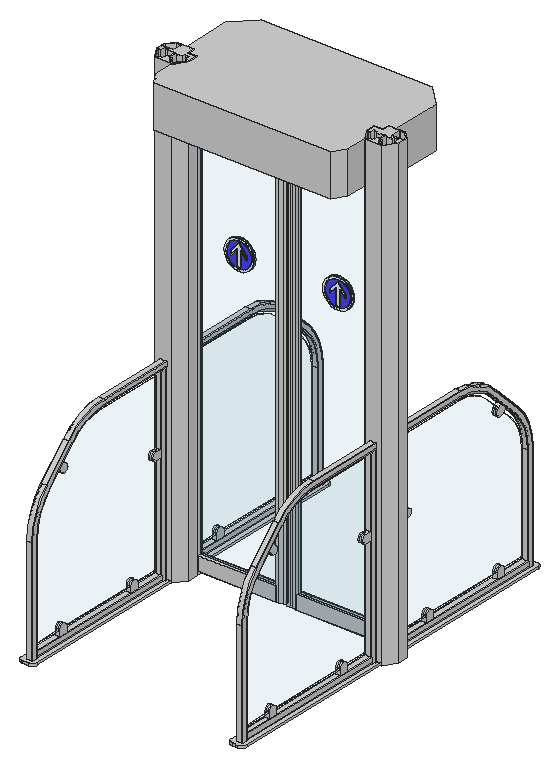
Revit family "assa_abloy_el_single", category Doors, Revit 2026 (continued)
Automatic sketch dimensions
  Extrusion 4 sketch curve to Extrusion 4 sketch curve = 97.172 mm
  curve 82 to curve 38 = 0.00 mm
  curve 38 to curve 83 = 0.00 mm
  curve 91 to curve 38 = 0.00 mm
  curve 83 to curve 38 = 19.042 mm
  curve 38 to curve 82 = 11.041 mm
  curve 38 to curve 91 = 11.041 mm
  curve 79 to curve 26 = 15.00 mm
  curve 78 to curve 1 = 6.897 mm
  curve 78 to curve 38 = 11.041 mm
  curve 78 to curve 78 = 846.634 mm
  curve 78 to curve 81 = 0.00 mm
  curve 80 to curve 81 = 0.002 mm
  curve 80 to curve 79 = 0.00 mm
  curve 81 to curve 81 = 3.001 mm
  curve 6 to curve 16 = 0.00 mm
  curve 9 to curve 10 = 9.50 mm
  curve 82 to curve 91 = 846.634 mm
  curve 91 to curve 88 = 0.00 mm
  curve 88 to curve 90 = 0.002 mm
  curve 89 to curve 90 = 0.00 mm
  curve 88 to curve 88 = 3.001 mm
  curve 86 to curve 38 = 11.00 mm
  curve 87 to curve 86 = 347.716 mm
  curve 82 to curve 86 = 0.00 mm
  curve 86 to curve 85 = 0.002 mm
  curve 85 to curve 83 = 0.00 mm
  curve 85 to curve 85 = 2.999 mm
  curve 38 to curve 79 = 19.042 mm
  curve 83 to curve 85 = 0.042 mm
  curve 79 to curve 80 = 0.042 mm
  curve 90 to curve 89 = 0.042 mm
  curve 80 to curve 77 = 2.958 mm
  curve 85 to curve 84 = 2.958 mm
  curve 89 to curve 87 = 2.958 mm
  curve 88 to curve 91 = 3.042 mm
  curve 86 to curve 86 = 3.001 mm
  curve 81 to curve 78 = 3.042 mm
  curve 81 to curve 77 = 0.042 mm
  curve 88 to curve 88 = 0.042 mm
  curve 93 to curve 60 = 6.897 mm
  curve 92 to curve 42 = 15.00 mm
  curve 39 to curve 96 = 11.00 mm
  curve 96 to curve 93 = 846.634 mm
  curve 96 to curve 93 = 0.00 mm
  curve 95 to curve 96 = 0.002 mm
  curve 92 to curve 95 = 0.00 mm
  curve 95 to curve 95 = 2.999 mm
  curve 39 to curve 106 = 0.21 mm
  curve 39 to curve 97 = 0.21 mm
  curve 98 to curve 106 = 0.00 mm
  curve 105 to curve 97 = 0.00 mm
  curve 39 to curve 103 = 7.998 mm
  curve 98 to curve 103 = 846.634 mm
  curve 103 to curve 106 = 0.00 mm
  curve 103 to curve 104 = 0.002 mm
  curve 105 to curve 104 = 0.00 mm
  curve 103 to curve 103 = 3.001 mm
  curve 39 to curve 101 = 7.998 mm
  curve 102 to curve 101 = 347.716 mm
  curve 101 to curve 98 = 0.00 mm
  curve 101 to curve 97 = 0.002 mm
  curve 97 to curve 100 = 0.00 mm
  curve 101 to curve 101 = 3.001 mm
  curve 39 to curve 93 = 11.041 mm
  curve 106 to curve 103 = 3.042 mm
  curve 98 to curve 101 = 3.042 mm
  curve 98 to curve 101 = 0.041 mm
  curve 106 to curve 103 = 0.041 mm
  curve 96 to curve 96 = 2.959 mm
  curve 104 to curve 39 = 16.001 mm
  curve 100 to curve 39 = 16.001 mm
  curve 95 to curve 39 = 16.001 mm
  curve 104 to curve 102 = 0.041 mm
  curve 95 to curve 95 = 0.041 mm
  curve 100 to curve 99 = 0.041 mm
  curve 95 to curve 92 = 0.042 mm
  curve 104 to curve 105 = 0.042 mm
  curve 97 to curve 105 = 0.00 mm
  plane 1 "Entry" to Extrusion 47 sketch curve = 155.03 mm
  Extrusion 47 sketch curve to Extrusion 47 sketch curve = 13.25 mm
  Extrusion 48 sketch curve to plane 15 = 349.10 mm
  Extrusion 48 sketch curve to Extrusion 48 sketch curve = 23.33 mm
Nested families
  nested 1: "Panel" at (-473.1, 0, 0), type "Left"
    with PanelWidth 473.10 mm, OpeningRotationAngle 0.00°, Exit yes
  nested 2: "Panel" at (473.1, 0, 0) x (-1, 0, 0) z (0, 0, 1), type "Right"
    with RightPanel yes, PanelWidth 473.10 mm, OpeningRotationAngle 0.00°, LeftPanel no, Exit yes
  nested 3: "Extended" at (0, 0, 0), visible <- "Extended", type "Extended"
    with PassageWidth 900.00 mm, PanelWidth 442.75 mm
Definition of nested family "Panel"
  Parameters
    Width = 0.00 mm
    URL = ""
    Type Comments = ""
    Thickness = 0.00 mm
    Rubber = none
    Rough Width = 0.00 mm
    Rough Height = 0.00 mm
    RightPanel = no
    PassageHeight = 2150.00 mm
    PanelWidth = 449.75 mm
    PanelGlass = none
    Operation = "Automatic"
    OpeningRotationAngle = 45.00°
    Model = ""
    Manufacturer = ""
    LeftPanel = not(RightPanel)  # yes
    Keynote = ""
    Height = 0.00 mm
    Function = (empty or 0)
    Frames = none
    Exit = no
    Entry = yes
    Description = ""
    Default Elevation = 1219.20 mm
    Cost = 0
    Construction Type = ""
    Assembly Code = ""
  Reference planes
    plane 1 "Center (Front/Back)": y = 0
    plane 2: z = 0
    plane 3 "Center (Left/Right)": x = 0
    plane 4 "Top": z = 2150
    plane 5: z = 2143
    plane 6: z = 20
    plane 7 "Exit": y = 8
    plane 8: z = 2114
    plane 9: z = 49
  Forms (mm)
    Sweep 1, solid, material <- "Frames"
      path origin (0, 0, 0) x (0.707107, 0.707107, 0) y (0, 0, 1)
        loop
          line (0, 2150) -> (0, 0)
      profile origin (0, 0, 1075) x (0.707107, -0.707107, 0) y (0.707107, 0.707107, 0)
        loop
          arc (-15, 13.229) -> (0, -20) -> (15, 13.229) r 20
          line (15, 13.229) -> (15, 23) -> (2, 23) -> (2, 11.4) -> (-12, 11.4) -> (-12, 23) -> (-15, 23) -> (-15, 13.229)
    Sweep 2, solid, material <- "Frames", visible <- "LeftPanel"
      path origin (0, 0, 0) x (0.707107, 0.707107, 0) y (0, 0, 1)
        loop
          line (449.75, 2143) -> (449.75, 20)
      profile origin (318.021, 318.021, 1081.5) x (0.707107, -0.707107, 0) y (0.707107, 0.707107, 0)
        loop
          line (-12, -39.05) -> (1.998, -39.05) -> (1.998, -50.643) -> (14.998, -50.643) -> (14.998, -35.65) -> (11.459, -13.245) -> (4, -7.655) -> (4, 7.349) -> (-4.002, 7.349) -> (-4.002, -7.655) -> (-11.461, -13.245) -> (-15.001, -35.65) -> (-15.001, -50.643) -> (-12, -50.643) -> (-12, -39.05)
    Sweep 3, solid, material <- "Frames"
      path origin (0, 0, 0) x (0.707107, 0.707107, 0) y (-0.707107, 0.707107, 0)
        loop
          line (399.107, 0) -> (23, 0)
      profile origin (149.237, 149.237, 0) x (0.707107, -0.707107, 0) y (0, 0, 1)
        loop
          line (-15, 90) -> (-15, 20) -> (-12, 20) -> (-12, 33) -> (12, 33) -> (12, 20) -> (15, 20) -> (15, 90) -> (2, 90) -> (2, 45.4) -> (-12, 45.4) -> (-12, 90) -> (-15, 90)
    Sweep 4, solid, material <- "Rubber"
      path origin (0, 0, 0) x (0.707107, 0.707107, 0) y (-0.707107, 0.707107, 0)
        loop
          line (399.107, 0) -> (33.008, 0)
      profile origin (152.776, 152.776, 0) x (0.707107, -0.707107, 0) y (0, 0, 1)
        loop
          line (-12, 20) -> (-1.235, 20) -> (-0.472, 7) -> (0.472, 7) -> (1.235, 20) -> (12, 20) -> (12, 30.5) -> (0, 30.5) -> (-12, 30.5) -> (-12, 20)
    Sweep 5, solid, material <- "Frames"
      path origin (0, 0, 2150) x (0.707107, -0.707107, 0) y (0.707107, 0.707107, 0)
        loop
          line (0, 399.107) -> (0, 23)
      profile origin (149.237, 149.237, 2150) x (0.707107, -0.707107, 0) y (0, 0, 1)
        loop
          line (-15, -77) -> (-12, -77) -> (-12, -32.4) -> (2, -32.4) -> (2, -77) -> (15, -77) -> (15, -7) -> (12, -7) -> (12, -20) -> (-12, -20) -> (-12, -7) -> (-15, -7) -> (-15, -77)
    Extrusion 6, solid, material <- "PanelGlass"
      sketch origin (0, 0, 0) x (0.707107, 0.707107, 0) y (-0.707107, 0.707107, 0)
        loop
          line (407.1, 0) -> (407.1, 8) -> (15, 8) -> (15, 0) -> (407.1, 0)
      from 49 to 2114
    Sweep 7, solid, visible <- "Entry"
      path origin (0, 0, 0) x (0.707107, 0.707107, 0) y (-0.707107, 0.707107, 0)
        loop
          line (211.053, 0) -> (211.053, -1.002)
      profile origin (149.592, 148.883, 0) x (0.707107, 0.707107, 0) y (0, 0, 1)
        loop
          circle (0, 1520) r 75
        loop
          circle (0, 1520) r 65
        loop
          line (10, 1465) -> (10, 1543.636) -> (40, 1507.883) -> (40, 1527.33) -> (0, 1575) -> (-40, 1527.33) -> (-40, 1507.883) -> (-10, 1543.636) -> (-10, 1465) -> (10, 1465)
    Sweep 8, solid, visible <- "Exit"
      path origin (0, 0, 0) x (0.707107, 0.707107, 0) y (-0.707107, 0.707107, 0)
        loop
          line (211.053, 9) -> (211.053, 8)
      profile origin (143.227, 155.248, 0) x (0.707107, 0.707107, 0) y (0, 0, 1)
        loop
          circle (0, 1520) r 75
        loop
          circle (0, 1520) r 65
        loop
          line (55, 1530) -> (-55, 1530) -> (-55, 1510) -> (55, 1510) -> (55, 1530)
    Sweep 9, solid, visible <- "Entry"
      path origin (0, 0, 0) x (0.707107, 0.707107, 0) y (-0.707107, 0.707107, 0)
        loop
          line (211.053, 0) -> (211.053, -1.002)
      profile origin (149.592, 148.883, 0) x (0.707107, 0.707107, 0) y (0, 0, 1)
        loop
          circle (0, 1520) r 65
        loop
          line (10, 1465) -> (10, 1543.636) -> (40, 1507.883) -> (40, 1527.33) -> (0, 1575) -> (-40, 1527.33) -> (-40, 1507.883) -> (-10, 1543.636) -> (-10, 1465) -> (10, 1465)
    Sweep 10, solid, visible <- "Exit"
      path origin (0, 0, 0) x (0.707107, 0.707107, 0) y (-0.707107, 0.707107, 0)
        loop
          line (211.053, 9) -> (211.053, 8)
      profile origin (143.227, 155.248, 0) x (0.707107, 0.707107, 0) y (0, 0, 1)
        loop
          circle (0, 1520) r 65
        loop
          line (55, 1530) -> (-55, 1530) -> (-55, 1510) -> (55, 1510) -> (55, 1530)
    Sweep 11, solid, material <- "Frames", visible <- "RightPanel"
      path origin (0, 0, 0) x (0.707107, 0.707107, 0) y (0, 0, 1)
        loop
          line (449.75, 2143) -> (449.75, 20)
      profile origin (318.021, 318.021, 1081.5) x (0.707107, -0.707107, 0) y (0.707107, 0.707107, 0)
        loop
          line (-12.001, -39.05) -> (1.998, -39.05) -> (1.998, -50.643) -> (14.998, -50.643) -> (14.998, -35.65) -> (11.997, -16.65) -> (11.997, -2.65)
          arc (11.997, -2.65) -> (9.768, 2.472) -> (4.5, 4.332) r 7
          line (4.5, 4.332) -> (4.5, -14.15) -> (-4.5, -14.15) -> (-4.5, 4.332)
          arc (-4.5, 4.332) -> (-9.769, 2.473) -> (-11.999, -2.65) r 7
          line (-11.999, -2.65) -> (-11.999, -16.65) -> (-15.001, -35.65) -> (-15.001, -50.643) -> (-12.001, -50.643) -> (-12.001, -39.05)
  Lines and regions (mm)
    Masking region 1
      outline origin (0, 0, 0) x (0.707107, 0.707107, 0) y (-0.707107, 0.707107, 0)
        loop
          arc (13.229, 15) -> (-20, 0) -> (13.229, -15) r 20
          line (13.229, -15) -> (23, -15) -> (23, 15) -> (13.229, 15)
    Masking region 2
      outline origin (0, 0, 0) x (0.707107, 0.707107, 0) y (-0.707107, 0.707107, 0)
        loop
          line (23, -15) -> (399.107, -15) -> (399.107, 15) -> (23, 15) -> (23, -15)
    Masking region 3, visible <- "LeftPanel", detail levels fine
      outline origin (0, 0, 0) x (0.707107, 0.707107, 0) y (-0.707107, 0.707107, 0)
        loop
          line (399.107, -14.998) -> (414.1, -14.998) -> (436.505, -11.459) -> (442.095, -4) -> (457.099, -4) -> (457.099, 4.002) -> (442.095, 4.002) -> (436.505, 11.461) -> (414.1, 15.001) -> (399.107, 15.001) -> (399.107, -14.998)
    Masking region 4, visible <- "RightPanel", detail levels fine
      outline origin (0, 0, 0) x (0.707107, 0.707107, 0) y (-0.707107, 0.707107, 0)
        loop
          line (414.1, -14.998) -> (433.1, -11.997) -> (447.1, -11.997)
          arc (447.1, -11.997) -> (452.222, -9.768) -> (454.082, -4.5) r 7
          line (454.082, -4.5) -> (435.6, -4.5) -> (435.6, 4.5) -> (454.082, 4.5)
          arc (454.082, 4.5) -> (452.223, 9.769) -> (447.1, 11.999) r 7
          line (447.1, 11.999) -> (433.1, 11.999) -> (414.1, 15.001) -> (399.107, 15.001) -> (399.107, -14.998) -> (414.1, -14.998)
    Masking region 5, detail levels medium
      outline origin (0, 0, 0) x (0.707107, 0.707107, 0) y (-0.707107, 0.707107, 0)
        loop
          line (449.75, -11.997) -> (449.75, 11.999) -> (433.1, 11.999) -> (414.1, 15.001) -> (399.107, 15.001) -> (399.107, -14.998) -> (414.1, -14.998) -> (433.1, -11.997) -> (449.75, -11.997)
    Masking region 6, detail levels coarse
      outline origin (0, 0, 0) x (0.707107, 0.707107, 0) y (-0.707107, 0.707107, 0)
        loop
          line (399.107, -14.998) -> (449.75, -14.998) -> (449.75, 15.001) -> (399.107, 15.001) -> (399.107, -14.998)
    reference lines
      curve 1: line (0, 0, 0) -> (353.553, 353.553, 0)
      curve 2: line (-5.657, 5.657, 0) -> (347.897, 359.21, 0)
      curve 3: line (318.021, 318.021, 0) -> (318.021, 318.021, 27.063)
      curve 4: line (291.399, 291.399, 0) -> (291.399, 291.399, 37.698)
      curve 5: line (287.863, 287.863, 0) -> (287.863, 287.863, 37.698)
      curve 6: line (282.211, 282.211, 0) -> (282.211, 282.211, 37.698)
      curve 7: line (149.237, 149.237, 0) -> (149.237, 149.237, 40)
      curve 8: line (21.567, 21.567, 0) -> (21.567, 21.567, 40)
      curve 9: line (16.263, 16.263, 0) -> (16.263, 16.263, 40)
      curve 10: line (10.607, 10.607, 0) -> (10.607, 10.607, 40)
      curve 11: line (0, 0, 0) -> (0, 0, 40)
      curve 12: line (291.399, 291.399, 0) -> (285.742, 297.056, 0)
      curve 13: line (287.863, 287.863, 0) -> (282.206, 293.52, 0)
      curve 14: line (282.211, 282.211, 0) -> (276.554, 287.868, 0)
      curve 15: line (149.237, 149.237, 0) -> (143.58, 154.894, 0)
      curve 16: line (21.567, 21.567, 0) -> (15.91, 27.224, 0)
      curve 17: line (16.263, 16.263, 0) -> (10.607, 21.92, 0)
      curve 18: line (10.607, 10.607, 0) -> (4.95, 16.263, 0)
      curve 19: line (0, 0, 2150) -> (353.553, 353.553, 2150)
      curve 20: line (318.021, 318.021, 0) -> (312.364, 323.678, 0)
    symbolic lines, detail levels medium+fine
      curve 21: line (291.822, 288.996, 0) -> (283.624, 280.798, 0)
      curve 22: line (281.923, 298.894, 0) -> (291.822, 288.996, 0)
      curve 23: line (273.725, 290.697, 0) -> (281.923, 298.894, 0)
      curve 24: line (7.778, 24.749, 0) -> (273.726, 290.696, 0)
      curve 25: line (283.625, 280.797, 0) -> (17.678, 14.849, 0)
      curve 26: line (17.678, 14.849, 0) -> (9.475, 6.647, 0)
      curve 27: line (9.475, 6.647, 0) -> (-0.424, 16.546, 0)
      curve 28: line (-0.424, 16.546, 0) -> (7.778, 24.749, 0)
      curve 33: line (283.624, 280.798, 0) -> (292.816, 271.606, 0)
      curve 34: line (271.604, 292.818, 0) -> (273.725, 290.697, 0)
      curve 35: line (26.87, 5.657, 0) -> (17.678, 14.849, 0)
      curve 36: line (7.778, 24.749, 0) -> (5.657, 26.87, 0)
    symbolic lines, detail levels fine
      curve 29: line (4.95, 16.263, 0) -> (10.607, 10.607, 0)
      curve 30: line (10.607, 10.607, 0) -> (287.863, 287.863, 0)
      curve 31: line (282.206, 293.52, 0) -> (4.95, 16.263, 0)
      curve 32: line (287.863, 287.863, 0) -> (282.206, 293.52, 0)
  Dimensions and locks
    "PassageHeight": plane 4 "Top" to plane 2
    locked: plane 4 "Top" to plane 5 at 7
    locked: plane 4 "Top" to plane 8 at 36
    curve 8 to curve 9 to curve 10 to curve 11 = 7.50 mm locked, 8.00 mm locked, 15.00 mm locked
    curve 3 to curve 4 to curve 5 to curve 6 = 37.65 mm locked, 5.00 mm locked, 7.993 mm locked
    equal spacing: curve 6, curve 7, curve 9
    "PanelWidth": curve 3 to curve 11
    "PassageHeight": curve 19 to curve 1
    "OpeningRotationAngle": angle plane 1 "Center (Front/Back)" to curve 1
    aligned and locked: level to plane 2
    aligned and locked: plane 4 "Top" to Sweep 1 sketch curve
    aligned and locked: level to Sweep 1 sketch curve
    aligned and locked: plane 5 to Sweep 2 sketch curve
    aligned and locked: plane 6 to Sweep 2 sketch curve
    aligned and locked: plane 8 to Extrusion 6
    aligned and locked: Extrusion 6 to plane 9
    aligned and locked: plane 3 "Center (Left/Right)" to curve 1
    aligned and locked: plane 1 "Center (Front/Back)" to curve 1
    aligned and locked: Sweep 3 sketch curve to curve 1
    aligned and locked: Sweep 5 sketch curve to curve 1
    aligned and locked: Sweep 1 sketch curve to curve 11
    aligned and locked: Sweep 4 sketch curve to curve 1
    aligned and locked: Sweep 2 sketch curve to curve 3
    aligned and locked: Sweep 3 sketch curve to curve 14
    aligned and locked: Sweep 3 sketch curve to curve 17
    aligned and locked: Extrusion 6 to curve 5
    aligned and locked: Sweep 7 sketch curve to curve 15
    aligned and locked: Sweep 9 sketch curve to curve 15
    aligned and locked: Sweep 8 sketch curve to curve 15
    aligned and locked: Sweep 10 sketch curve to curve 15
    aligned and locked: Sweep 11 sketch curve to curve 3
    aligned and locked: plane 6 to Sweep 11 sketch curve
    aligned and locked: plane 5 to Sweep 11 sketch curve
    aligned and locked: Sweep 5 sketch curve to curve 14
    aligned and locked: Sweep 4 sketch curve to curve 14
    aligned and locked: Masking region 1 sketch curve to Sweep 1  (x3)
    aligned and locked: Masking region 2 sketch curve to Sweep 3  (x2)
    aligned and locked: Masking region 2 sketch curve to curve 17
    aligned and locked: Masking region 2 sketch curve to curve 14
    aligned and locked: Masking region 1 sketch curve to curve 17
    aligned and locked: Masking region 3 sketch curve to curve 14
    aligned and locked: Masking region 3 sketch curve to Sweep 2  (x9)
    aligned and locked: Masking region 4 sketch curve to Sweep 11  (x10)
    aligned and locked: Masking region 4 sketch curve to curve 14
    aligned and locked: Masking region 5 sketch curve to curve 20
    aligned and locked: Masking region 5 sketch curve to Sweep 11  (x6)
    aligned and locked: Masking region 5 sketch curve to curve 14
    aligned and locked: Masking region 6 sketch curve to curve 14
    aligned and locked: Masking region 6 sketch curve to Sweep 11  (x2)
    aligned and locked: Masking region 6 sketch curve to curve 20
    aligned and locked: curve 21 to Sweep 11
    aligned and locked: curve 22 to Sweep 11
    aligned and locked: curve 23 to Sweep 11
    aligned and locked: curve 24 to Sweep 3
    aligned and locked: curve 25 to Sweep 3
    aligned and locked: curve 26 to Sweep 1
    aligned and locked: curve 27 to Sweep 1
    aligned and locked: curve 28 to Sweep 1
    aligned and locked: curve 29 to Extrusion 6
    aligned and locked: curve 30 to Extrusion 6
    aligned and locked: curve 31 to Extrusion 6
    aligned and locked: curve 32 to Extrusion 6
    aligned and locked: curve 33 to Sweep 11
    aligned and locked: curve 34 to Sweep 11
    aligned and locked: curve 35 to Sweep 1
    aligned and locked: curve 36 to Sweep 1
  Automatic sketch dimensions
    Sweep 4 sketch curve to profile plane = 0.00 mm
    profile plane to Sweep 4 sketch curve = 0.472 mm
    Sweep 4 sketch curve to profile plane = 1.235 mm
    level to Sweep 4 sketch curve = 7.00 mm
    Sweep 4 sketch curve to Sweep 4 sketch curve = 0.00 mm
    Sweep 4 sketch curve to Sweep 4 sketch curve = 10.50 mm
    Sweep 4 sketch curve to profile plane = 0.472 mm
    profile plane to Sweep 4 sketch curve = 1.235 mm
    Sweep 4 sketch curve to Sweep 4 sketch curve = 10.765 mm  (x2)
    Sweep 4 sketch curve to Sweep 4 sketch curve = 13.00 mm
    profile plane to Sweep 3 sketch curve = 15.00 mm
    Sweep 3 sketch curve to Sweep 3 sketch curve = 3.00 mm  (x3)
    Sweep 3 sketch curve to profile plane = 2.00 mm
    Sweep 3 sketch curve to profile plane = 12.00 mm
    level to Sweep 3 sketch curve = 20.00 mm  (x2)
    Sweep 3 sketch curve to Sweep 3 sketch curve = 13.00 mm
    Sweep 3 sketch curve to Sweep 3 sketch curve = 12.40 mm
    Sweep 3 sketch curve to Sweep 3 sketch curve = 44.60 mm
    Sweep 3 sketch curve to Sweep 3 sketch curve = 0.00 mm
    profile plane to Sweep 5 sketch curve = 15.00 mm
    Sweep 5 sketch curve to Sweep 5 sketch curve = 3.00 mm  (x3)
    Sweep 5 sketch curve to profile plane = 2.00 mm
    Sweep 5 sketch curve to profile plane = 12.00 mm
    Sweep 5 sketch curve to plane 4 "Top" = 77.00 mm
    Sweep 5 sketch curve to Sweep 5 sketch curve = 0.00 mm
    Sweep 5 sketch curve to plane 4 "Top" = 32.40 mm
    Sweep 5 sketch curve to Sweep 5 sketch curve = 12.40 mm
    Sweep 5 sketch curve to plane 4 "Top" = 7.00 mm  (x2)
    Sweep 7 sketch curve to Sweep 7 sketch curve = 0.00 mm  (x3)
    profile plane to Sweep 7 sketch curve = 0.00 mm  (x2)
    profile plane to Sweep 7 sketch curve = 10.00 mm
    Sweep 7 sketch curve to Sweep 7 sketch curve = 30.00 mm
    Sweep 7 sketch curve to profile plane = 10.00 mm
    Sweep 7 sketch curve to profile plane = 40.00 mm
    level to Sweep 7 sketch curve = 1465.00 mm
    Sweep 7 sketch curve to Sweep 7 sketch curve = 42.883 mm  (x2)
    Sweep 7 sketch curve to Sweep 7 sketch curve = 12.117 mm
    Sweep 7 sketch curve to Sweep 7 sketch curve = 19.447 mm  (x2)
    Sweep 7 sketch curve to Sweep 7 sketch curve = 23.636 mm
    Sweep 7 sketch curve to Sweep 7 sketch curve = 31.364 mm
    Sweep 8 sketch curve to Sweep 8 sketch curve = 0.00 mm  (x2)
    profile plane to Sweep 8 sketch curve = 0.00 mm
    Sweep 8 sketch curve to Sweep 8 sketch curve = 10.00 mm
    Sweep 8 sketch curve to Sweep 8 sketch curve = 20.00 mm
    profile plane to Sweep 8 sketch curve = 55.00 mm
    Sweep 8 sketch curve to profile plane = 55.00 mm
    level to Sweep 8 sketch curve = 1510.00 mm
    profile plane to Sweep 9 sketch curve = 0.00 mm  (x2)
    profile plane to Sweep 9 sketch curve = 10.00 mm
    profile plane to Sweep 9 sketch curve = 40.00 mm
    Sweep 9 sketch curve to profile plane = 10.00 mm
    Sweep 9 sketch curve to profile plane = 40.00 mm
    level to Sweep 9 sketch curve = 1465.00 mm
    Sweep 9 sketch curve to Sweep 9 sketch curve = 42.883 mm  (x2)
    Sweep 9 sketch curve to Sweep 9 sketch curve = 12.117 mm
    Sweep 9 sketch curve to Sweep 9 sketch curve = 19.447 mm  (x2)
    Sweep 9 sketch curve to Sweep 9 sketch curve = 0.00 mm
    Sweep 9 sketch curve to Sweep 9 sketch curve = 31.364 mm
    Sweep 9 sketch curve to Sweep 9 sketch curve = 23.636 mm
    profile plane to Sweep 10 sketch curve = 0.00 mm
    profile plane to Sweep 10 sketch curve = 55.00 mm
    Sweep 10 sketch curve to profile plane = 55.00 mm
    level to Sweep 10 sketch curve = 1510.00 mm
    Sweep 10 sketch curve to Sweep 10 sketch curve = 10.00 mm
    Sweep 10 sketch curve to Sweep 10 sketch curve = 20.00 mm
    curve 1 to Extrusion 6 sketch curve = 0.00 mm
    curve 1 to Extrusion 6 sketch curve = 15.00 mm
    Extrusion 6 sketch curve to curve 1 = 8.00 mm
    Extrusion 6 sketch curve to Extrusion 6 sketch curve = 392.10 mm
    curve 1 to Sweep 7 sketch curve = 0.00 mm
    curve 1 to Sweep 7 sketch curve = 1.002 mm
    Sweep 8 sketch curve to curve 1 = 8.00 mm
    Sweep 8 sketch curve to Sweep 8 sketch curve = 1.00 mm
    curve 1 to Sweep 9 sketch curve = 0.00 mm
    curve 1 to Sweep 9 sketch curve = 1.002 mm
    Sweep 10 sketch curve to curve 1 = 8.00 mm
    Sweep 10 sketch curve to Sweep 10 sketch curve = 1.00 mm
    curve 2 to curve 1 = 0.00 mm  (x2)
    curve 1 to curve 2 = 8.00 mm
    Sweep 1 sketch curve to profile plane = 0.00 mm
    profile plane to Sweep 1 sketch curve = 0.00 mm
    Sweep 1 sketch curve to profile plane = 12.00 mm
    Sweep 1 sketch curve to Sweep 1 sketch curve = 3.00 mm
    profile plane to Sweep 1 sketch curve = 2.00 mm
    Sweep 1 sketch curve to Sweep 1 sketch curve = 13.00 mm
    Sweep 1 sketch curve to profile plane = 11.40 mm
    Sweep 1 sketch curve to Sweep 1 sketch curve = 1.829 mm
    Sweep 1 sketch curve to Sweep 1 sketch curve = 9.771 mm  (x2)
    Sweep 2 sketch curve to profile plane = 15.001 mm
    Sweep 2 sketch curve to Sweep 2 sketch curve = 3.001 mm
    Sweep 2 sketch curve to profile plane = 11.461 mm
    Sweep 2 sketch curve to profile plane = 4.002 mm
    profile plane to Sweep 2 sketch curve = 1.998 mm
    profile plane to Sweep 2 sketch curve = 4.00 mm
    Sweep 2 sketch curve to Sweep 2 sketch curve = 7.459 mm
    Sweep 2 sketch curve to Sweep 2 sketch curve = 13.00 mm
    profile plane to Sweep 2 sketch curve = 50.643 mm
    Sweep 2 sketch curve to Sweep 2 sketch curve = 0.00 mm
    Sweep 2 sketch curve to Sweep 2 sketch curve = 11.593 mm
    Sweep 2 sketch curve to Sweep 2 sketch curve = 3.40 mm  (x2)
    profile plane to Sweep 2 sketch curve = 13.245 mm  (x2)
    profile plane to Sweep 2 sketch curve = 7.655 mm  (x2)
    Sweep 2 sketch curve to profile plane = 7.349 mm
    curve 1 to Sweep 4 sketch curve = 33.008 mm
    curve 4 to curve 12 = 0.00 mm
    curve 12 to curve 4 = 8.00 mm
    curve 12 to curve 4 = 0.00 mm
    curve 5 to curve 13 = 0.00 mm
    curve 13 to curve 5 = 8.00 mm
    curve 13 to curve 5 = 0.00 mm
    curve 6 to curve 14 = 0.00 mm
    curve 14 to curve 6 = 8.00 mm
    curve 14 to curve 6 = 0.00 mm
    curve 7 to curve 15 = 0.00 mm
    curve 15 to curve 7 = 8.00 mm
    curve 15 to curve 7 = 0.00 mm
    curve 8 to curve 16 = 0.00 mm
    curve 16 to curve 8 = 8.00 mm
    curve 16 to curve 8 = 0.00 mm
    curve 9 to curve 17 = 0.00 mm
    curve 17 to curve 9 = 8.00 mm
    curve 17 to curve 9 = 0.00 mm
    curve 10 to curve 18 = 0.00 mm
    curve 18 to curve 10 = 8.00 mm
    curve 18 to curve 10 = 0.00 mm
    Sweep 11 sketch curve to profile plane = 15.001 mm
    Sweep 11 sketch curve to Sweep 11 sketch curve = 3.00 mm
    profile plane to Sweep 11 sketch curve = 2.65 mm  (x2)
    Sweep 11 sketch curve to profile plane = 11.999 mm
    Sweep 11 sketch curve to profile plane = 4.999 mm
    Sweep 11 sketch curve to profile plane = 4.50 mm
    profile plane to Sweep 11 sketch curve = 1.998 mm
    profile plane to Sweep 11 sketch curve = 4.50 mm
    profile plane to Sweep 11 sketch curve = 4.997 mm
    Sweep 11 sketch curve to Sweep 11 sketch curve = 7.00 mm
    Sweep 11 sketch curve to Sweep 11 sketch curve = 13.00 mm
    Sweep 11 sketch curve to Sweep 11 sketch curve = 11.50 mm
    Sweep 11 sketch curve to Sweep 11 sketch curve = 2.50 mm  (x2)
    Sweep 11 sketch curve to Sweep 11 sketch curve = 19.00 mm  (x2)
    Sweep 11 sketch curve to Sweep 11 sketch curve = 3.40 mm
    Sweep 11 sketch curve to Sweep 11 sketch curve = 11.593 mm
    Sweep 11 sketch curve to Sweep 11 sketch curve = 14.993 mm
    curve 11 to curve 1 = 0.00 mm  (x2)
    curve 19 to curve 1 = 0.00 mm  (x2)
    curve 3 to curve 1 = 0.00 mm
    curve 4 to curve 1 = 0.00 mm
    curve 10 to curve 1 = 0.00 mm
    curve 5 to curve 1 = 0.00 mm
    curve 9 to curve 1 = 0.00 mm
    curve 6 to curve 1 = 0.00 mm
    curve 8 to curve 1 = 0.00 mm
    curve 7 to curve 1 = 0.00 mm
    curve 1 to curve 11 = 40.00 mm
    curve 3 to curve 1 = 27.063 mm
    curve 6 to curve 1 = 37.698 mm
    curve 5 to curve 6 = 0.00 mm
    curve 4 to curve 5 = 0.00 mm
    curve 7 to curve 1 = 40.00 mm
    curve 1 to curve 10 = 40.00 mm
    curve 9 to curve 10 = 0.00 mm
    curve 8 to curve 9 = 0.00 mm
    curve 19 to Sweep 5 sketch curve = 23.00 mm
    curve 3 to curve 20 = 0.00 mm
    curve 20 to curve 3 = 8.00 mm
    curve 20 to curve 3 = 0.00 mm
    curve 23 to curve 24 = 0.00 mm
    curve 21 to curve 25 = 0.00 mm
    curve 1 to curve 29 = 0.00 mm
    curve 27 to curve 29 = 3.60 mm
    curve 30 to curve 21 = 3.60 mm
    curve 29 to curve 27 = 4.00 mm
    curve 33 to curve 25 = 12.998 mm
    curve 23 to curve 34 = 3.00 mm
    curve 35 to curve 25 = 13.00 mm
    curve 36 to curve 36 = 3.00 mm
    radius of Sweep 7 sketch curve = 75.00 mm
    radius of Sweep 7 sketch curve = 65.00 mm
    radius of Sweep 8 sketch curve = 75.00 mm
    radius of Sweep 8 sketch curve = 65.00 mm
    radius of Sweep 9 sketch curve = 65.00 mm
    radius of Sweep 10 sketch curve = 65.00 mm
Definition of nested family "Extended"
  Parameters
    Width = 0.00 mm
    URL = ""
    Type Comments = ""
    Thickness = 0.00 mm
    Rough Width = 0.00 mm
    Rough Height = 0.00 mm
    PassageWidth = 899.50 mm
    PanelWidth = (PassageWidth / 2) - 7.25 mm  # 442.50 mm
    PanelGlass = none
    Operation = "Automatic"
    OpeningRotationAngle = if(OpenDoor, 90.00°, 0.00°)  # 0.00°
    OpenDoor = no
    Model = ""
    Manufacturer = ""
    Keynote = ""
    Height = 0.00 mm
    Function = 1
    Frames = none
    Fire Rating = ""
    Description = ""
    Cost = 0
    Construction Type = "Automatic Sliding Door"
    Assembly Code = ""
  Reference planes
    plane 1 "Entry": y = 0
    plane 2: z = 0
    plane 3 "Center (Left/Right)": x = 0
    plane 4 "Top": z = 2361
    plane 5 "PH": z = 2150
    plane 6: x = -449.75
    plane 7: x = 449.75
    plane 8 "Right": x = 527.8
    plane 9: x = 536
    plane 10 "Left": x = -527.8
    plane 11: x = -536
    plane 12: y = 9.35
    plane 13: y = 17.45
    plane 14: z = 70.9
    plane 15: z = 2130.9
    plane 16: y = 839.45
    plane 17: x = 485.75
    plane 18: x = -485.75
  Forms (mm)
    Extrusion 1, solid, material <- "Frames"
      sketch origin (0, 0, 0) x (1, 0, 0) y (0, 0, 1)
        loop
          line (495, 0) -> (569, 0) -> (569, 103)
          arc (569, 103) -> (567.828, 105.828) -> (565, 107) r 4
          line (565, 107) -> (499, 107)
          arc (499, 107) -> (496.172, 105.828) -> (495, 103) r 4
          line (495, 103) -> (495, 0)
      from -17.45 to -2016.45
    Extrusion 2, solid, material <- "Frames"
      sketch origin (-1063.8, 0, 0) x (1, 0, 0) y (0, 0, 1)
        loop
          line (495, 0) -> (569, 0) -> (569, 103)
          arc (569, 103) -> (567.828, 105.828) -> (565, 107) r 4
          line (565, 107) -> (499, 107)
          arc (499, 107) -> (496.172, 105.828) -> (495, 103) r 4
          line (495, 103) -> (495, 0)
      from -17.45 to -2016.45
    Extrusion 3, solid, material <- "Frames"
      sketch origin (0, 0, 0) x (1, 0, 0) y (0, 0, 1)
        loop
          line (448, 0) -> (616, 0) -> (616, 364)
          arc (616, 364) -> (614.828, 366.828) -> (612, 368) r 4
          line (612, 368) -> (452, 368)
          arc (452, 368) -> (449.172, 366.828) -> (448, 364) r 4
          line (448, 364) -> (448, 0)
      from -697.45 to -981.45
    Extrusion 4, solid, material <- "Frames"
      sketch origin (0, 0, 0) x (-1, 0, 0) y (0, 0, -1)
        loop
          line (448, 0) -> (448, -364)
          arc (448, -364) -> (449.172, -366.828) -> (452, -368) r 4
          line (452, -368) -> (612, -368)
          arc (612, -368) -> (614.828, -366.828) -> (616, -364) r 4
          line (616, -364) -> (616, 0) -> (448, 0)
      from -697.45 to -981.45
    Extrusion 5, solid, material <- "PanelGlass"
      sketch origin (527.8, 0, 0) x (0, -1, 0) y (0, 0, 1)
        loop
          line (-697.45, 107) -> (-17.45, 107) -> (-17.45, 1039) -> (-1878.45, 1039)
          arc (-1878.45, 1039) -> (-1949.161, 1009.711) -> (-1978.45, 939) r 100
          line (-1978.45, 939) -> (-1978.45, 107) -> (-981.45, 107) -> (-981.45, 368) -> (-697.45, 368) -> (-697.45, 107)
      from 1.9 to -10.1
    Extrusion 6, solid, material <- "PanelGlass"
      sketch origin (-527.8, 0, 0) x (0, -1, 0) y (0, 0, -1)
        loop
          line (-697.45, -107) -> (-697.45, -368) -> (-981.45, -368) -> (-981.45, -107) -> (-1978.45, -107) -> (-1978.45, -939)
          arc (-1978.45, -939) -> (-1949.161, -1009.711) -> (-1878.45, -1039) r 100
          line (-1878.45, -1039) -> (-17.45, -1039) -> (-17.45, -107) -> (-697.45, -107)
      from 1.9 to -10.1
    Extrusion 7, solid, material <- "Frames"
      sketch origin (612, 0, 368) x (-1, 0, 0) y (0, -1, 0)
        loop
          circle (126.25, -839.45) r 21.2
      from 0 to 570.5
    Extrusion 8, solid, material <- "Frames"
      sketch origin (-612, 0, 368) x (1, 0, 0) y (0, 1, 0)
        loop
          circle (126.25, 839.45) r 21.2
      from 0 to 570.5
    Extrusion 9, solid, material <- "Frames"
      sketch origin (-612, 0, 368) x (1, 0, 0) y (0, 1, 0)
        loop
          circle (126.25, 839.45) r 32.5
      from 0 to 43.5
    Extrusion 10, solid, material <- "Frames"
      sketch origin (612, 0, 368) x (-1, 0, 0) y (0, -1, 0)
        loop
          circle (126.25, -839.45) r 32.5
      from 0 to 43.5
    Sweep 11, solid, material <- "Frames"
      path origin (485.75, 839.45, 0) x (-1, 0, 0) y (0, 0, 1)
        loop
          line (0, 909.9) -> (367.5, 909.9)
          arc (367.5, 909.9) -> (420.533, 887.933) -> (442.5, 834.9) r 75
          line (442.5, 834.9) -> (442.5, 724.9)
          arc (442.5, 724.9) -> (420.533, 671.867) -> (367.5, 649.9) r 75
          line (367.5, 649.9) -> (0, 649.9)
      profile origin (302, 839.45, 909.9) x (0, 0, 1) y (0, 1, 0)
        loop
          circle (0, 0) r 15
    Extrusion 12, solid, material <- "Frames"
      sketch origin (485.75, 839.45, 0) x (-1, 0, 0) y (0, 0, 1)
        loop
          line (80, 664.9) -> (320, 664.9) -> (320, 894.9) -> (80, 894.9) -> (80, 664.9)
      from -1 to 1
    Extrusion 13, solid
      sketch origin (485.75, 839.45, 0) x (-1, 0, 0) y (0, 0, 1)
        loop
          line (190.004, 727.779) -> (209.996, 727.779) -> (209.996, 806.413) -> (239.982, 770.663) -> (239.982, 790.109) -> (200.002, 837.773) -> (160.018, 790.121) -> (160.018, 770.676) -> (190.004, 806.413) -> (190.004, 727.779)
        loop
          circle (200.002, 782.775) r 75
        loop
          circle (200.002, 782.775) r 65
      from -1 to -3
    Extrusion 14, solid
      sketch origin (485.75, 839.45, 0) x (-1, 0, 0) y (0, 0, 1)
        loop
          circle (200.002, 782.775) r 65
        loop
          line (190.004, 727.779) -> (209.996, 727.779) -> (209.996, 806.413) -> (239.982, 770.663) -> (239.982, 790.109) -> (200.002, 837.773) -> (160.018, 790.121) -> (160.018, 770.676) -> (190.004, 806.413) -> (190.004, 727.779)
      from -1 to -3
    Extrusion 15, solid
      sketch origin (485.75, 839.45, 0) x (-1, 0, 0) y (0, 0, 1)
        loop
          circle (200.002, 782.775) r 75
        loop
          circle (200.002, 782.775) r 65
        loop
          line (145.003, 792.772) -> (145.003, 772.78) -> (254.999, 772.78) -> (254.999, 792.772) -> (145.003, 792.772)
      from 1 to 3
    Extrusion 16, solid
      sketch origin (485.75, 839.45, 0) x (-1, 0, 0) y (0, 0, 1)
        loop
          circle (200.002, 782.775) r 65
        loop
          line (145.003, 772.78) -> (254.999, 772.78) -> (254.999, 792.772) -> (145.003, 792.772) -> (145.003, 772.78)
      from 1 to 3
    Sweep 17, solid, material <- "Frames"
      path origin (-485.75, 839.45, 0) x (1, 0, 0) y (0, 0, 1)
        loop
          line (0, 909.9) -> (367.5, 909.9)
          arc (367.5, 909.9) -> (420.533, 887.933) -> (442.5, 834.9) r 75
          line (442.5, 834.9) -> (442.5, 724.9)
          arc (442.5, 724.9) -> (420.533, 671.867) -> (367.5, 649.9) r 75
          line (367.5, 649.9) -> (0, 649.9)
      profile origin (-302, 839.45, 909.9) x (0, 0, 1) y (0, -1, 0)
        loop
          circle (0, 0) r 15
    Extrusion 18, solid, material <- "Frames"
      sketch origin (-485.75, 839.45, 0) x (1, 0, 0) y (0, 0, 1)
        loop
          line (80, 664.9) -> (320, 664.9) -> (320, 894.9) -> (80, 894.9) -> (80, 664.9)
      from -1 to 1
    Extrusion 19, solid
      sketch origin (-485.75, 839.45, 0) x (1, 0, 0) y (0, 0, 1)
        loop
          line (190.004, 727.779) -> (209.996, 727.779) -> (209.996, 806.413) -> (239.982, 770.663) -> (239.982, 790.109) -> (200.002, 837.773) -> (160.018, 790.121) -> (160.018, 770.676) -> (190.004, 806.413) -> (190.004, 727.779)
        loop
          circle (200.002, 782.775) r 75
        loop
          circle (200.002, 782.775) r 65
      from 3 to 1
    Extrusion 20, solid
      sketch origin (-485.75, 839.45, 0) x (1, 0, 0) y (0, 0, 1)
        loop
          circle (200.002, 782.775) r 65
        loop
          line (190.004, 727.779) -> (209.996, 727.779) -> (209.996, 806.413) -> (239.982, 770.663) -> (239.982, 790.109) -> (200.002, 837.773) -> (160.018, 790.121) -> (160.018, 770.676) -> (190.004, 806.413) -> (190.004, 727.779)
      from 3 to 1
    Extrusion 21, solid
      sketch origin (-485.75, 839.45, 0) x (1, 0, 0) y (0, 0, 1)
        loop
          circle (200.002, 782.775) r 75
        loop
          circle (200.002, 782.775) r 65
        loop
          line (145.003, 792.772) -> (145.003, 772.78) -> (254.999, 772.78) -> (254.999, 792.772) -> (145.003, 792.772)
      from -3 to -1
    Extrusion 22, solid
      sketch origin (-485.75, 839.45, 0) x (1, 0, 0) y (0, 0, 1)
        loop
          circle (200.002, 782.775) r 65
        loop
          line (145.003, 772.78) -> (254.999, 772.78) -> (254.999, 792.772) -> (145.003, 792.772) -> (145.003, 772.78)
      from -3 to -1
  Cuts and joins
    joined: Extrusion 1, Extrusion 3
    joined: Extrusion 2, Extrusion 4
    joined: Extrusion 8, Extrusion 9, Sweep 17
    joined: Extrusion 7, Extrusion 10, Sweep 11
  Lines and regions (mm)
    Masking region 1
      outline origin (-536, 0, 0) x (0, 1, 0) y (-1, 0, 0)
        loop
          line (17.45, 32.8) -> (17.45, -41.2) -> (697.45, -41.2) -> (697.45, -88) -> (981.45, -88) -> (981.45, -41.2) -> (2016.45, -41.2) -> (2016.45, 32.8) -> (981.45, 32.8) -> (981.45, 80) -> (697.45, 80) -> (697.45, 32.8) -> (17.45, 32.8)
    Masking region 2
      outline origin (536, 0, 0) x (0, 1, 0) y (-1, 0, 0)
        loop
          line (17.45, 41) -> (17.45, -33) -> (697.45, -33) -> (697.45, -80) -> (981.45, -80) -> (981.45, -33) -> (2016.45, -33) -> (2016.45, 41) -> (981.45, 41) -> (981.45, 88) -> (697.45, 88) -> (697.45, 41) -> (17.45, 41)
    reference lines
      curve 1: line (-536, 0, 0) -> (-536, 17.45, 0)
      curve 2: line (536, 0, 0) -> (536, 17.45, 0)
      curve 3: line (485.75, 839.45, 0) -> (135.75, 839.45, 0)
      curve 4: line (485.75, 839.45, 0) -> (485.75, 839.45, 100)
      curve 5: line (-485.75, 839.45, 0) -> (-135.75, 839.45, 0)
      curve 6: line (-485.75, 839.45, 0) -> (-485.75, 839.45, 100)
    symbolic lines, detail levels medium+fine
      curve 7: line (-525.9, 1978.45, 0) -> (-537.9, 1978.45, 0)
      curve 8: line (-537.9, 1978.45, 0) -> (-537.9, 17.45, 0)
      curve 9: line (-525.9, 17.45, 0) -> (-525.9, 1978.45, 0)
      curve 10: line (-568.8, 697.45, 0) -> (-537.9, 697.45, 0)
      curve 11: line (-525.9, 697.45, 0) -> (-495, 697.45, 0)
      curve 12: line (-568.8, 981.45, 0) -> (-537.9, 981.45, 0)
      curve 13: line (-525.9, 981.45, 0) -> (-495, 981.45, 0)
      curve 14: line (525.9, 1978.45, 0) -> (525.9, 17.45, 0)
      curve 15: line (537.9, 17.45, 0) -> (537.9, 1978.45, 0)
      curve 16: line (537.9, 1978.45, 0) -> (525.9, 1978.45, 0)
      curve 17: line (525.9, 981.45, 0) -> (495, 981.45, 0)
      curve 18: line (569, 981.45, 0) -> (537.9, 981.45, 0)
      curve 19: line (495, 697.45, 0) -> (525.9, 697.45, 0)
      curve 20: line (537.9, 697.45, 0) -> (569, 697.45, 0)
    symbolic lines, detail levels fine
      curve 21: arc (-518.25, 839.45, 0) -> (-485.75, 806.95, 0) -> (-453.25, 839.45, 0) r 32.5
      curve 22: arc (-453.25, 839.45, 0) -> (-485.75, 871.95, 0) -> (-518.25, 839.45, 0) r 32.5
      curve 23: arc (-506.95, 839.45, 0) -> (-485.75, 818.25, 0) -> (-464.55, 839.45, 0) r 21.2
      curve 24: arc (-464.55, 839.45, 0) -> (-485.75, 860.65, 0) -> (-506.95, 839.45, 0) r 21.2
      curve 25: arc (453.25, 839.45, 0) -> (485.75, 806.95, 0) -> (518.25, 839.45, 0) r 32.5
      curve 26: arc (518.25, 839.45, 0) -> (485.75, 871.95, 0) -> (453.25, 839.45, 0) r 32.5
      curve 27: arc (464.55, 839.45, 0) -> (485.75, 818.25, 0) -> (506.95, 839.45, 0) r 21.2
      curve 28: arc (506.95, 839.45, 0) -> (485.75, 860.65, 0) -> (464.55, 839.45, 0) r 21.2
  Dimensions and locks
    plane 5 "PH" to plane 2 = 2150.00 mm
    plane 4 "Top" to plane 5 "PH" = 211.00 mm
    equal spacing: plane 6, plane 3 "Center (Left/Right)", plane 7
    "PassageWidth": plane 6 to plane 7
    locked: plane 8 "Right" to plane 9 at 8.2
    locked: plane 10 "Left" to plane 11 at 8.2
    locked: plane 1 "Entry" to plane 12 at 9.35
    locked: plane 12 to plane 13 at 8.1
    locked: plane 5 "PH" to plane 15 at 19.1
    locked: Extrusion 1 sketch curve to plane 8 "Right" at 32.8
    locked: plane 9 to Extrusion 1 sketch curve at 33
    locked: plane 11 to Extrusion 2 sketch curve at 32.8
    locked: Extrusion 2 sketch curve to plane 10 "Left" at 33
    locked: Extrusion 3 sketch curve to plane 8 "Right" at 79.8
    locked: plane 9 to Extrusion 3 sketch curve at 80
    locked: plane 7 to plane 8 "Right" at 78.05
    locked: plane 10 "Left" to plane 6 at 78.05
    locked: plane 7 to plane 17 at 36
    locked: plane 6 to plane 18 at 36
    "PanelWidth": Sweep 11 sketch curve to curve 4
    "PanelWidth": Sweep 17 sketch curve to curve 6
    "OpeningRotationAngle": angle plane 16 to curve 5
    "OpeningRotationAngle": angle curve 3 to plane 16
    aligned and locked: level to plane 2
    aligned and locked: plane 11 to curve 1
    aligned and locked: curve 2 to plane 9
    aligned and locked: plane 17 to curve 3
    aligned and locked: plane 16 to curve 3
    aligned and locked: plane 17 to Extrusion 7 sketch curve
    aligned and locked: plane 16 to Extrusion 7 sketch curve
    aligned and locked: plane 18 to Extrusion 8 sketch curve
    aligned and locked: plane 16 to Extrusion 8 sketch curve
    aligned and locked: plane 18 to Extrusion 9 sketch curve
    aligned and locked: plane 16 to Extrusion 9 sketch curve
    aligned and locked: plane 16 to Extrusion 10 sketch curve
    aligned and locked: plane 17 to Extrusion 10 sketch curve
    aligned and locked: Extrusion 14 sketch curve to Extrusion 13  (x11)
    aligned and locked: Extrusion 16 sketch curve to Extrusion 15  (x6)
    aligned and locked: Extrusion 20 sketch curve to Extrusion 19  (x11)
    aligned and locked: Extrusion 22 sketch curve to Extrusion 21  (x6)
    aligned and locked: plane 18 to curve 6
    aligned and locked: plane 16 to curve 6
    aligned and locked: Masking region 1 sketch curve to cut or joined group of Extrusion 2, Extrusion 4  (x8)
    aligned and locked: cut or joined group of Extrusion 2, Extrusion 4 to Masking region 1 sketch curve  (x2)
    aligned and locked: curve 7 to Extrusion 6
    aligned and locked: curve 8 to Extrusion 6
    aligned and locked: curve 9 to Extrusion 6
    aligned and locked: cut or joined group of Extrusion 2, Extrusion 4 to curve 10
    aligned and locked: curve 13 to cut or joined group of Extrusion 2, Extrusion 4
    aligned and locked: curve 12 to cut or joined group of Extrusion 2, Extrusion 4
    aligned and locked: Masking region 2 sketch curve to cut or joined group of Extrusion 1, Extrusion 3  (x8)
    aligned and locked: cut or joined group of Extrusion 1, Extrusion 3 to Masking region 2 sketch curve  (x4)
    aligned and locked: curve 14 to Extrusion 5
    aligned and locked: curve 15 to Extrusion 5
    aligned and locked: curve 16 to Extrusion 5
    aligned and locked: cut or joined group of Extrusion 1, Extrusion 3 to curve 17
    aligned and locked: cut or joined group of Extrusion 1, Extrusion 3 to curve 18
    aligned and locked: cut or joined group of Extrusion 1, Extrusion 3 to curve 19
    aligned and locked: cut or joined group of Extrusion 1, Extrusion 3 to curve 20
    aligned and locked: curve 21 to cut or joined group of Extrusion 8, Extrusion 9, Sweep 17
    aligned and locked: curve 22 to cut or joined group of Extrusion 8, Extrusion 9, Sweep 17
    aligned and locked: curve 23 to cut or joined group of Extrusion 8, Extrusion 9, Sweep 17
    aligned and locked: curve 24 to cut or joined group of Extrusion 8, Extrusion 9, Sweep 17
    aligned and locked: curve 25 to cut or joined group of Extrusion 7, Extrusion 10, Sweep 11
    aligned and locked: curve 26 to cut or joined group of Extrusion 7, Extrusion 10, Sweep 11
    aligned and locked: curve 27 to cut or joined group of Extrusion 7, Extrusion 10, Sweep 11
    aligned and locked: curve 28 to cut or joined group of Extrusion 7, Extrusion 10, Sweep 11
  Automatic sketch dimensions
    plane 1 "Entry" to curve 1 = 0.00 mm
    plane 13 to curve 1 = 0.00 mm
    plane 1 "Entry" to curve 2 = 0.00 mm
    plane 13 to curve 2 = 0.00 mm
    Extrusion 1 sketch curve to level = 0.00 mm
    Extrusion 1 sketch curve to Extrusion 1 sketch curve = 4.00 mm  (x2)
    plane 14 to Extrusion 1 sketch curve = 32.10 mm
    Extrusion 2 sketch curve to level = 0.00 mm
    Extrusion 2 sketch curve to Extrusion 2 sketch curve = 4.00 mm  (x2)
    plane 14 to Extrusion 2 sketch curve = 32.10 mm
    Extrusion 3 sketch curve to level = 0.00 mm
    Extrusion 3 sketch curve to plane 7 = 2.25 mm
    Extrusion 3 sketch curve to Extrusion 3 sketch curve = 4.00 mm
    plane 14 to Extrusion 3 sketch curve = 293.10 mm
    Extrusion 4 sketch curve to level = 0.00 mm
    plane 6 to Extrusion 4 sketch curve = 1.75 mm
    Extrusion 4 sketch curve to plane 6 = 2.25 mm
    plane 11 to Extrusion 4 sketch curve = 76.00 mm
    Extrusion 4 sketch curve to Extrusion 4 sketch curve = 4.00 mm
    Extrusion 4 sketch curve to plane 14 = 293.10 mm
    curve 4 to curve 3 = 0.00 mm  (x2)
    curve 3 to curve 4 = 100.00 mm
    Sweep 11 sketch curve to curve 3 = 0.00 mm  (x2)
    curve 3 to Sweep 11 sketch curve = 649.90 mm
    curve 3 to Sweep 11 sketch curve = 909.90 mm
    Sweep 11 sketch curve to Sweep 11 sketch curve = 75.00 mm  (x2)
    Sweep 11 sketch curve to profile plane = 0.00 mm  (x2)
    curve 3 to Extrusion 12 sketch curve = 80.00 mm
    Extrusion 12 sketch curve to curve 3 = 30.00 mm
    curve 3 to Extrusion 12 sketch curve = 664.90 mm
    curve 3 to Extrusion 12 sketch curve = 894.90 mm
    Extrusion 13 sketch curve to Extrusion 13 sketch curve = 0.00 mm  (x3)
    curve 3 to Extrusion 13 sketch curve = 160.018 mm
    Extrusion 13 sketch curve to Extrusion 13 sketch curve = 29.987 mm  (x2)
    Extrusion 13 sketch curve to Extrusion 13 sketch curve = 9.997 mm  (x2)
    Extrusion 13 sketch curve to Extrusion 13 sketch curve = 19.991 mm
    curve 3 to Extrusion 13 sketch curve = 727.779 mm
    Extrusion 13 sketch curve to Extrusion 13 sketch curve = 42.884 mm
    Extrusion 13 sketch curve to Extrusion 13 sketch curve = 42.897 mm
    Extrusion 13 sketch curve to Extrusion 13 sketch curve = 12.099 mm
    Extrusion 13 sketch curve to Extrusion 13 sketch curve = 19.445 mm  (x2)
    Extrusion 13 sketch curve to Extrusion 13 sketch curve = 23.638 mm
    Extrusion 13 sketch curve to Extrusion 13 sketch curve = 31.36 mm
    Extrusion 15 sketch curve to Extrusion 15 sketch curve = 0.00 mm  (x2)
    curve 3 to Extrusion 15 sketch curve = 145.003 mm
    Extrusion 15 sketch curve to Extrusion 15 sketch curve = 54.999 mm
    Extrusion 15 sketch curve to Extrusion 15 sketch curve = 54.997 mm
    curve 3 to Extrusion 15 sketch curve = 772.78 mm
    Extrusion 15 sketch curve to Extrusion 15 sketch curve = 9.994 mm
    Extrusion 15 sketch curve to Extrusion 15 sketch curve = 19.991 mm
    curve 6 to curve 5 = 0.00 mm  (x2)
    curve 5 to curve 6 = 100.00 mm
    Sweep 17 sketch curve to curve 5 = 0.00 mm  (x2)
    curve 5 to Sweep 17 sketch curve = 649.90 mm
    curve 5 to Sweep 17 sketch curve = 909.90 mm
    Sweep 17 sketch curve to Sweep 17 sketch curve = 75.00 mm  (x2)
    Sweep 17 sketch curve to profile plane = 0.00 mm  (x2)
    curve 5 to Extrusion 18 sketch curve = 80.00 mm
    Extrusion 18 sketch curve to curve 5 = 30.00 mm
    curve 5 to Extrusion 18 sketch curve = 664.90 mm
    curve 5 to Extrusion 18 sketch curve = 894.90 mm
    Extrusion 19 sketch curve to Extrusion 19 sketch curve = 0.00 mm  (x3)
    curve 5 to Extrusion 19 sketch curve = 160.018 mm
    Extrusion 19 sketch curve to Extrusion 19 sketch curve = 29.987 mm  (x2)
    Extrusion 19 sketch curve to Extrusion 19 sketch curve = 9.997 mm  (x2)
    Extrusion 19 sketch curve to Extrusion 19 sketch curve = 19.991 mm
    curve 5 to Extrusion 19 sketch curve = 727.779 mm
    Extrusion 19 sketch curve to Extrusion 19 sketch curve = 42.884 mm
    Extrusion 19 sketch curve to Extrusion 19 sketch curve = 42.897 mm
    Extrusion 19 sketch curve to Extrusion 19 sketch curve = 12.099 mm
    Extrusion 19 sketch curve to Extrusion 19 sketch curve = 19.445 mm  (x2)
    Extrusion 19 sketch curve to Extrusion 19 sketch curve = 23.638 mm
    Extrusion 19 sketch curve to Extrusion 19 sketch curve = 31.36 mm
    Extrusion 21 sketch curve to Extrusion 21 sketch curve = 0.00 mm  (x2)
    curve 5 to Extrusion 21 sketch curve = 145.003 mm
    Extrusion 21 sketch curve to Extrusion 21 sketch curve = 54.999 mm
    Extrusion 21 sketch curve to Extrusion 21 sketch curve = 54.997 mm
    curve 5 to Extrusion 21 sketch curve = 772.78 mm
    Extrusion 21 sketch curve to Extrusion 21 sketch curve = 9.994 mm
    Extrusion 21 sketch curve to Extrusion 21 sketch curve = 19.991 mm
    curve 8 to curve 1 = 0.00 mm
    curve 1 to curve 9 = 0.00 mm
    curve 9 to curve 1 = 10.10 mm
    curve 1 to curve 8 = 1.90 mm
    curve 10 to curve 1 = 32.80 mm
    curve 10 to curve 11 = 0.00 mm
    curve 1 to curve 13 = 41.00 mm
    curve 11 to curve 13 = 284.00 mm
    curve 12 to curve 8 = 997.00 mm
    curve 11 to curve 11 = 30.90 mm
    curve 12 to curve 12 = 30.90 mm
    Extrusion 5 sketch curve to plane 13 = 0.00 mm
    plane 14 to Extrusion 5 sketch curve = 36.10 mm  (x2)
    plane 16 to Extrusion 5 sketch curve = 142.00 mm
    Extrusion 5 sketch curve to plane 16 = 142.00 mm
    Extrusion 5 sketch curve to plane 16 = 1039.00 mm
    Extrusion 5 sketch curve to Extrusion 5 sketch curve = 100.00 mm
    Extrusion 5 sketch curve to Extrusion 5 sketch curve = 261.00 mm
    Extrusion 5 sketch curve to Extrusion 5 sketch curve = 832.00 mm
    Extrusion 6 sketch curve to plane 13 = 0.00 mm
    Extrusion 6 sketch curve to plane 14 = 36.10 mm  (x2)
    Extrusion 6 sketch curve to plane 16 = 142.00 mm
    plane 16 to Extrusion 6 sketch curve = 142.00 mm
    plane 16 to Extrusion 6 sketch curve = 1039.00 mm
    Extrusion 6 sketch curve to Extrusion 6 sketch curve = 100.00 mm
    Extrusion 6 sketch curve to Extrusion 6 sketch curve = 261.00 mm
    Extrusion 6 sketch curve to Extrusion 6 sketch curve = 832.00 mm
    Masking region 1 sketch curve to Masking region 1 sketch curve = 0.00 mm
    curve 1 to Masking region 1 sketch curve = 41.20 mm
    curve 14 to curve 2 = 0.00 mm
    curve 2 to curve 15 = 0.00 mm
    curve 15 to curve 2 = 1.90 mm
    curve 2 to curve 14 = 10.10 mm
    curve 15 to curve 20 = 680.00 mm
    curve 19 to curve 20 = 0.00 mm
    curve 19 to curve 17 = 284.00 mm
    curve 17 to curve 18 = 0.00 mm
    curve 18 to curve 16 = 997.00 mm
    curve 20 to curve 20 = 31.10 mm
    curve 18 to curve 18 = 31.10 mm
    curve 17 to curve 17 = 30.90 mm
    curve 19 to curve 19 = 30.90 mm
    plane 16 to curve 5 = 0.00 mm
    curve 5 to plane 18 = 0.00 mm
    radius of Extrusion 7 sketch curve = 21.20 mm
    radius of Sweep 11 sketch curve = 15.00 mm
    radius of Extrusion 13 sketch curve = 75.00 mm
    radius of Extrusion 13 sketch curve = 65.00 mm
    radius of Extrusion 15 sketch curve = 75.00 mm
    radius of Extrusion 15 sketch curve = 65.00 mm
    radius of Sweep 17 sketch curve = 15.00 mm
    radius of Extrusion 19 sketch curve = 75.00 mm
    radius of Extrusion 19 sketch curve = 65.00 mm
    radius of Extrusion 21 sketch curve = 75.00 mm
    radius of Extrusion 21 sketch curve = 65.00 mm
    radius of Extrusion 8 sketch curve = 21.20 mm
    radius of Extrusion 9 sketch curve = 32.50 mm
    radius of Extrusion 10 sketch curve = 32.50 mm
Types (8, lengths in mm): name | Width | URL | Size | ShortRailing | Rough Width | PassageWidthOptions | PassageWidth | PanelWidth | NominalWidth | NominalLength | Name | IsExternal | HandicapAccessible | Extended | BIMObjectName
  FlipFlow Wide_979 | 979.00 | 0.00 | "2365x2248x979" | yes | 979.00 | "650/900/1100/1200" | 650.00 | 348.10 | 979.00 | 2248.00 | "record FlipFlow Wide" | yes | no | no | "agtatec_Record_ScrtTnnl_FlipFlowWide_Standalone"
  FlipFlow Wide_1229 | 1229.00 | "https://www.assaabloyentrance.com" | "2365x2248x1229" | yes | 1229.00 | "650/900/1100/1200" | 900.00 | 473.10 | 1229.00 | 2248.00 | "EL Wide" | no | yes | no | "EL Wide"
  FlipFlow Wide_1529 | 1529.00 | 0.00 | "2365x2248x1529" | yes | 1529.00 | "650/900/1100/1200" | 1200.00 | 623.10 | 1529.00 | 2248.00 | "record FlipFlow Wide" | no | yes | no | "agtatec_Record_ScrtTnnl_FlipFlowWide_Standalone"
  FlipFlow Wide extended_1529 | 1529.00 | 0.00 | "2365x3022x1529" | no | 1529.00 | "650/900/1100/1201" | 1200.00 | 623.10 | 1529.00 | 3022.00 | "record FlipFlow Wide extended" | no | yes | yes | "agtatec_Record_ScrtTnnl_FlipFlowWide_Standalone"
  FlipFlow Wide extended_1229 | 1229.00 | 0.00 | "2365x3022x1229" | no | 1229.00 | "650/900/1100/1201" | 900.00 | 473.10 | 1229.00 | 3022.00 | "record FlipFlow Wide extended" | no | yes | yes | "agtatec_Record_ScrtTnnl_FlipFlowWide_Standalone"
  FlipFlow Wide_1429 | 1429.00 | 0.00 | "2365x2248x1429" | yes | 1429.00 | "650/900/1100/1200" | 1100.00 | 573.10 | 1429.00 | 2248.00 | "record FlipFlow Wide" | no | yes | no | "agtatec_Record_ScrtTnnl_FlipFlowWide_Standalone"
  FlipFlow Wide extended_1429 | 1429.00 | 0.00 | "2365x3022x1429" | no | 1429.00 | "650/900/1100/1201" | 1100.00 | 573.10 | 1429.00 | 3022.00 | "record FlipFlow Wide extended" | no | yes | yes | "agtatec_Record_ScrtTnnl_FlipFlowWide_Standalone"
  FlipFlow Wide extended_979 | 979.00 | 0.00 | "2365x3022x979" | no | 979.00 | "650/900/1100/1201" | 650.00 | 348.10 | 979.00 | 3022.00 | "record FlipFlow Wide extended" | no | yes | yes | "agtatec_Record_ScrtTnnl_FlipFlowWide_Standalone"
